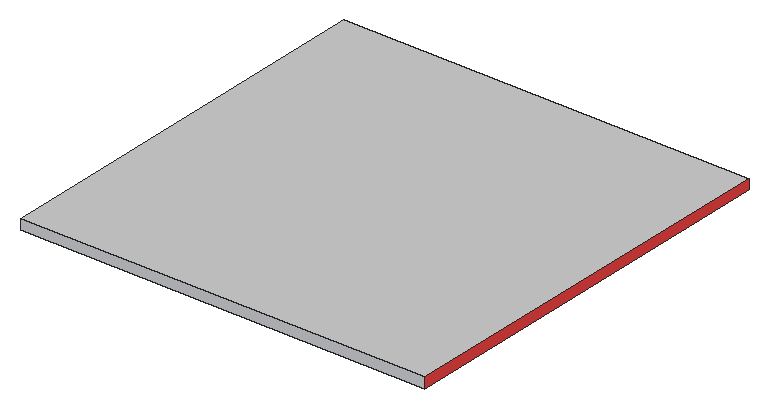
Revit family "GRIFO BAÑO-DUCHA KARIM DUE con accesorios de ducha", category Aparatos sanitarios, Revit 2015
Parameters (values of type "88941000")
  URL = "http://www.griferiasgalindo.com/bano-ducha/karim-due/grifo-bano-ducha-karim-due?c=es"
  Teléfono = "(+34) 915 782 575"
  TIPO DE AGUA = "Fria/Caliente"
  REFERENCIA = "88941000"
  Presión Máxima = "5 bar"
  PESO BRUTO = ""
  Modelo = "KARIM DUE"
  Material = LATON CROMADO
  Imagen de tipo = <Ninguno>
  Fabricante = "PRESTO IBÉRICA"
  Default Elevation = 1219.2 mm
  ENTRADA = "Hembra 3/4\" a 1/2\" con excéntrica"
  Descripción = "Grifo monomando baño ducha. Esta serie de diseño tubular con cuerpo consistente y ergonomía funcional, proporciona una mezcla de estética sencilla y funcionalidad apta para todo tipo de usuarios y ambientes de baño. KARIM aporta el sistema de ahorro de agua Flowing Ecosystem con sistema de doble posición de maneta que permite ahorrar hasta un 50 % de agua. Estético, moderno, funcional y ecológico, así es KARIM DUE."
  Código de montaje = "C1030220"
  Contacto = "info@prestoiberica.com"
  Conexión AF = yes
  Conexión AC = yes
  Comentarios de tipo = "◦Grifo monomando baño ducha ecológico\r\n◦Acabado Cromo\r\n◦Disponible: sin o con accesorios de ducha\r\n◦Cartucho con discos cerámicos de diámetro 35 mm"
  CIERRE = ""
  CAUDAL = "20,2 l/min a 3 bar"
  Accionamiento = "Por maneta"
Reference planes
  plane 1 "Centro (Frontal/Posterior)": y = 0
  plane 2: z = 0
  plane 3 "Centro (Izquierda/Derecha)": x = 0
Forms (mm)
  Extrusion 1, solid
    sketch origin (0, 0, 0) x (1, 0, 0) y (0, 1, 0)
      loop
        line (-100, 100) -> (-100, -100) -> (100, -100) -> (100, 100) -> (-100, 100)
    from 0 to -5
Dimensions and locks
  Extrusion 1 sketch curve to plane 1 "Centro (Frontal/Posterior)" = 100 mm
  aligned and locked: plane 2 to Extrusion 1
  aligned and locked: level to Extrusion 1
Connectors
  piping at (-63, -2.83, -16.956), diameter 12.7
    settings: on import instance, index 1, connector inside diameter 609.6 mm, connector length 0 mm, flow factor 0, pipe flow 0.0 L/s, pressure drop 0.0 Pa, fitting loss kfactor 0, connector angle 0.00°, fixture units 0, engagement length 0 mm, angle of deflection 0.00°, flow configuration 0, flow direction 1, fitting loss method 0, system type 19, joint type 0, gender type 0, connector reference index -1, connector utility 0, adjustable connector no, is connector primary yes, connector description ""
  piping at (87, -2.83, -16.9), diameter 12.7
    settings: on import instance, index 2, connector inside diameter 609.6 mm, connector length 0 mm, flow factor 0, pipe flow 0.0 L/s, pressure drop 0.0 Pa, fitting loss kfactor 0, connector angle 0.00°, fixture units 0, engagement length 0 mm, angle of deflection 0.00°, flow configuration 0, flow direction 1, fitting loss method 0, system type 20, joint type 0, gender type 0, connector reference index -1, connector utility 0, adjustable connector no, is connector primary no, connector description ""
